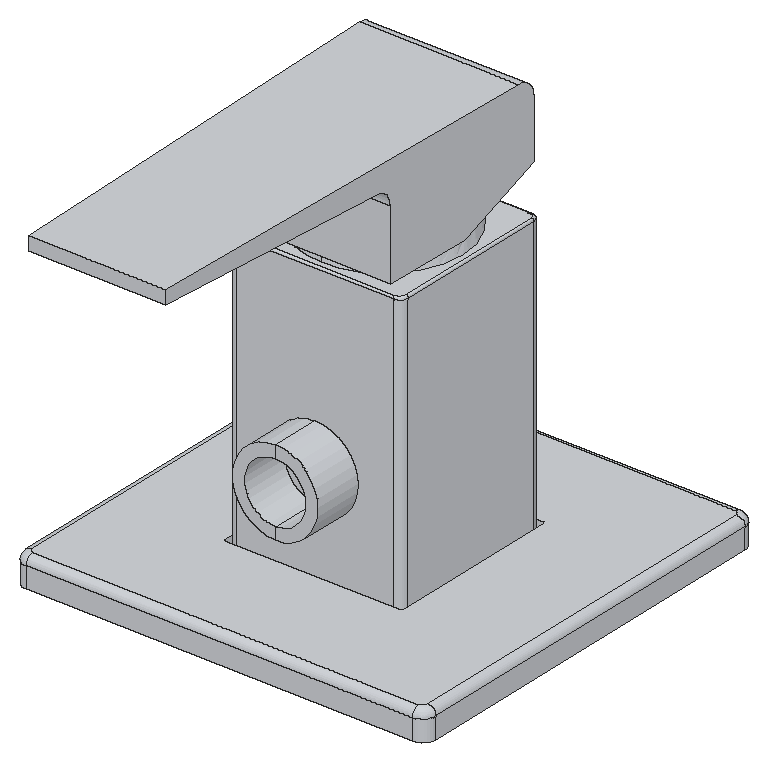
Revit family "Shower-Supply_Trim-KOHLER-Honesty-K-24750X_1", category Plumbing Fixtures, host Face, Revit 2021
Family settings
  Host = Face
  Round Connector Dimension = Use Diameter
  Part Type = Normal
  OmniClass Number = 23.31.17.00
  OmniClass Title = Showers
  Cut with Voids When Loaded = No
  Shared = No
  Room Calculation Point = No
Parameters (values of type "CP-Polished Chrome")
  Width = 3 15/16"  # constant formula
  WaterSense Certified = 1 = 0  # no
  Waste Water Outlet = "Waste Water Outlet"  # constant formula
  Waste Connection = 1 = 0  # no
  Vent Connection = 1 = 0  # no
  URL = "https://www.kohler.co.th/"
  Type = 1
  Product Page URL = "https://www.kohler.co.th/productDetails/24750X-4CD?skuid=24750X-4CD-CP"
  Product Name = "Honesty"  # constant formula
  Product Documentation Link = "https://resources.kohler.com/plumbing/kohlerapac/pdf/1351423-X4-A_HONESTY_24750X-4CD.pdf"
  Pressure = 0.00 psi
  Model = "K-24750X-4CD-CP"  # constant formula
  Material = "Premium Metal Construction"  # constant formula
  Master Format 2014 Name = "Residential Showers"  # constant formula
  Master Format 2014 = "22 42 23"  # constant formula
  Manufacturer Address = "16th Floor, Jasmine City Building 2, Soi Sukhumvit 23, Sukhumvit Road, Khlong Toei Nuea, Watthana, Bangkok 10110"  # constant formula
  Manufacturer = "Kohler Co."  # constant formula
  Length = 4 21/256"  # constant formula
  Hot Water Inlet = "Hot Water Inlet"  # constant formula
  Height = 3 15/16"  # constant formula
  Handle Clearance = 3 109/256"  # constant formula
  HW Connection = 1 = 1  # yes
  Flow Rate = 0 GPM
  Finish = Kohler-Metal-CP-Polished_Chrome
  Environmental Product Declaration = ""
  Drain Included = 1 = 0  # no
  Description = "Lever cold water shut-off valve"  # constant formula
  Default Elevation = 42"
  Declare Label = ""
  Date Modified = "02/28/2023"  # constant formula
  Date Created = "02/28/2023"  # constant formula
  Copyright = "Copyright Kohler Co."  # constant formula
  Contact Us = "https://www.kohler.co.th/contact-us"
  Cold Water Outlet = "Cold Water Outlet"  # constant formula
  Cold Water Inlet = "Cold Water Inlet"  # constant formula
  CW Connection = 1 = 1  # yes
  Assembly Code = "D2010700"
  ADA Compliant = 1 = 0  # no
Reference planes (in)
  plane 1 "Center (Front/Back)": y = 0
  plane 2: z = 0
  plane 3 "Center (Left/Right)": x = 0
  plane 4: y = 1.9679195
  plane 5: y = 0.8261873
  plane 6: y = 0.7992126
  plane 7: y = -0.8273561
  plane 8: y = -1.2980482
  plane 9: y = -1.9695805
  plane 10: y = -3.4257813
  plane 11: x = -1.9685039
  plane 12: x = -0.8267717
  plane 13: x = 0.8267717
  plane 14: x = 1.9689961
  plane 15: z = 0.2755906
  plane 16: z = 0.75
  plane 17: z = 1.1574803
  plane 18: z = 1.5649606
  plane 19: z = 4.0820312
  plane 20: x = -0.5043307
  plane 21: x = 0.5043307
Dimensions and locks (in)
  "Height": plane 4 to plane 9
  "Width": plane 11 to plane 14
  "Handle Clearance": plane 1 "Center (Front/Back)" to plane 10
  "Length": level to plane 19
  plane 4 to plane 10 = 5.3937"
  plane 10 to plane 5 = 4.25197"
  plane 12 to plane 13 = 1.65354"
  plane 15 to level = 0.27559"
  plane 5 to plane 7 = 1.65354"
  plane 16 to plane 18 = 0.81496"
  plane 4 to plane 1 "Center (Front/Back)" = 1.96792"
  level to plane 17 = 1.15748"
  aligned and locked: plane 2 to host face
  aligned and locked: level to host face
  aligned and locked: plane 1 "Center (Front/Back)" to nested 1
  aligned and locked: plane 3 "Center (Left/Right)" to nested 1
Automatic sketch dimensions
  host sketch curve to host sketch curve = 96"  (x2)
Nested families (in)
  nested 1: "K-24750X" at (0, 0, 0), type "K-24750X"
Connectors (in)
  piping at (0, 0, 0), diameter 0.5, driven by "CW Connection", driven by "Cold Water Inlet"
    settings: on nested 1, index 1, connector inside diameter 24", connector length 0", flow factor 0, pipe flow 0 GPM, pressure drop 0.00 psi, fitting loss kfactor 0, connector angle 0.00°, fixture units 0, engagement length 0", angle of deflection 0.00°, flow configuration 0, flow direction 1, fitting loss method 0, system type 20, joint type 0, gender type 0, connector reference index -1, connector utility 1, adjustable connector no, is connector primary yes, connector description "Cold Water Inlet"
  piping at (0, -1.2980482, 1.1817184), diameter 0.5, driven by "CW Connection", driven by "Cold Water Outlet"
    settings: on nested 1, index 2, connector inside diameter 24", connector length 0", flow factor 0, pipe flow 0 GPM, pressure drop 0.00 psi, fitting loss kfactor 0, connector angle 0.00°, fixture units 0, engagement length 0", angle of deflection 0.00°, flow configuration 0, flow direction 2, fitting loss method 0, system type 20, joint type 0, gender type 0, connector reference index -1, connector utility 1, adjustable connector no, is connector primary no, connector description "Cold Water Outlet"
Definition of nested family "K-24750X"
  Parameters
    Material = none
    Default Elevation = 0"
  Reference planes (in)
    plane 1 "Center (Front/Back)": y = 0
    plane 2: z = 0
    plane 3 "Center (Left/Right)": x = 0
    plane 4: y = -1.9685039
    plane 5: y = 1.9685039
    plane 6: x = 1.9685039
    plane 7: x = -1.9685039
    plane 8: y = -3.4251969
    plane 9: y = 0.7992126
    plane 10: z = 0.2755906
    plane 11: x = 0.8267717
    plane 12: x = -0.8267717
    plane 13: z = 4.0826772
    plane 14: z = 1.1574803
    plane 15: z = 0.75
    plane 16: z = 1.5649606
    plane 17: y = -0.8267717
    plane 18: y = 0.8267717
    plane 19: y = -1.2980482
    plane 20: x = -0.5043307
    plane 21: x = 0.5043307
  Forms (in)
    Sweep 1, solid, material <- "Material", detail levels medium+fine
      path origin (0, 0, 0) x (1, 0, 0) y (0, 1, 0)
        loop
          line (1.8464567, 1.9685039) -> (-1.8464567, 1.9685039)
          arc (-1.8464567, 1.9685039) -> (-1.9327571, 1.9327571) -> (-1.9685039, 1.8464567) r 0.1220472
          line (-1.9685039, 1.8464567) -> (-1.9685039, -1.846601)
          arc (-1.9685039, -1.846601) -> (-1.9327994, -1.9327994) -> (-1.846601, -1.9685039) r 0.121903
          line (-1.846601, -1.9685039) -> (1.8464567, -1.9685039)
          arc (1.8464567, -1.9685039) -> (1.9327571, -1.9327571) -> (1.9685039, -1.8464567) r 0.1220472
          line (1.9685039, -1.8464567) -> (1.9685039, 1.8464567)
          arc (1.9685039, 1.8464567) -> (1.9327571, 1.9327571) -> (1.8464567, 1.9685039) r 0.1220472
      profile origin (-1.9685039, -0.0000721, 0) x (1, 0, 0) y (0, 0, 1)
        loop
          line (0, 0) -> (0.1113435, 0) -> (0.1113435, 0.2755906) -> (0.0775953, 0.2755906)
          arc (0.0775953, 0.2755906) -> (0.0227271, 0.2528634) -> (0, 0.1979953) r 0.0775953
          line (0, 0.1979953) -> (0, 0)
    Extrusion 2, solid, material <- "Material", detail levels medium+fine
      sketch origin (0, 0, 0) x (1, 0, 0) y (0, 1, 0)
        loop
          arc (-1.8419045, 1.8725394) -> (-1.8613917, 1.8644675) -> (-1.8694636, 1.8449803) r 0.0275591
          line (-1.8694636, 1.8449803) -> (-1.8694636, -1.8480561)
          arc (-1.8694636, -1.8480561) -> (-1.8613917, -1.8675433) -> (-1.8419045, -1.8756152) r 0.0275591
          line (-1.8419045, -1.8756152) -> (1.8449803, -1.8756152)
          arc (1.8449803, -1.8756152) -> (1.8644675, -1.8675433) -> (1.8725394, -1.8480561) r 0.0275591
          line (1.8725394, -1.8480561) -> (1.8725394, 1.8449189)
          arc (1.8725394, 1.8449189) -> (1.8644495, 1.8644495) -> (1.8449189, 1.8725394) r 0.0276205
          line (1.8449189, 1.8725394) -> (-1.8419045, 1.8725394)
      from 0 to 0.2755906
    Extrusion 3, void
      sketch origin (0, 0, 0) x (1, 0, 0) y (0, 1, 0)
        loop
          arc (-0.8335705, 0.8546061) -> (-0.8486272, 0.8483694) -> (-0.8548638, 0.8333127) r 0.0212933
          line (-0.8548638, 0.8333127) -> (-0.8548638, -0.833517)
          arc (-0.8548638, -0.833517) -> (-0.8486718, -0.8484658) -> (-0.833723, -0.8546578) r 0.0211408
          line (-0.833723, -0.8546578) -> (0.8335068, -0.8546578)
          arc (0.8335068, -0.8546578) -> (0.8485397, -0.8484309) -> (0.8547666, -0.833398) r 0.0212598
          line (0.8547666, -0.833398) -> (0.8547666, 0.8333462)
          arc (0.8547666, 0.8333462) -> (0.8485397, 0.8483792) -> (0.8335068, 0.8546061) r 0.0212598
          line (0.8335068, 0.8546061) -> (-0.8335705, 0.8546061)
      from 0.1259841 to 0.3610841
    Sweep 4, solid, material <- "Material", detail levels medium+fine
      path origin (0, 0, 0) x (1, 0, 0) y (0, 1, 0)
        loop
          arc (0.8267717, 0.7480315) -> (0.8037092, 0.8037092) -> (0.7480315, 0.8267717) r 0.0787402
          line (0.7480315, 0.8267717) -> (-0.7480315, 0.8267717)
          arc (-0.7480315, 0.8267717) -> (-0.8037092, 0.8037092) -> (-0.8267717, 0.7480315) r 0.0787402
          line (-0.8267717, 0.7480315) -> (-0.8267717, -0.7480315)
          arc (-0.8267717, -0.7480315) -> (-0.8037092, -0.8037092) -> (-0.7480315, -0.8267717) r 0.0787402
          line (-0.7480315, -0.8267717) -> (0.7478895, -0.8267717)
          arc (0.7478895, -0.8267717) -> (0.8036676, -0.8036676) -> (0.8267717, -0.7478895) r 0.0788822
          line (0.8267717, -0.7478895) -> (0.8267717, 0.7480315)
      profile origin (0, 0.8267717, 0) x (0, -1, 0) y (0, 0, 1)
        loop
          line (0.0008112, 0) -> (0.0698682, 0) -> (0.0698682, 2.9132648) -> (0.0216559, 2.9132648)
          arc (0.0216559, 2.9132648) -> (0.0069165, 2.9071596) -> (0.0008112, 2.8924202) r 0.0208447
          line (0.0008112, 2.8924202) -> (0.0008112, 0)
    Extrusion 5, solid, material <- "Material", detail levels medium+fine
      sketch origin (0, 0, 0) x (1, 0, 0) y (0, 1, 0)
        loop
          arc (-0.7424311, 0.7730936) -> (-0.7619183, 0.7650217) -> (-0.7699902, 0.7455345) r 0.0275591
          line (-0.7699902, 0.7455345) -> (-0.7699902, -0.7408717)
          arc (-0.7699902, -0.7408717) -> (-0.7619082, -0.7603834) -> (-0.7423965, -0.7684654) r 0.0275937
          line (-0.7423965, -0.7684654) -> (0.7401124, -0.7684654)
          arc (0.7401124, -0.7684654) -> (0.7595996, -0.7603935) -> (0.7676715, -0.7409064) r 0.0275591
          line (0.7676715, -0.7409064) -> (0.7676715, 0.7454857)
          arc (0.7676715, 0.7454857) -> (0.7595853, 0.7650074) -> (0.7400636, 0.7730936) r 0.0276079
          line (0.7400636, 0.7730936) -> (-0.7424311, 0.7730936)
      from 0.1259841 to 2.9132648
    Sweep 6, solid, material <- "Material", detail levels medium+fine
      path origin (0, 0, 0) x (0, 1, 0) y (0, 0, 1)
        loop
          line (0.6590362, 4.0826772) -> (-3.4251969, 4.0826772) -> (-3.4251969, 3.9559451) -> (-0.990484, 3.850704)
          arc (-0.990484, 3.850704) -> (-0.8743013, 3.798108) -> (-0.8267717, 3.6797623) r 0.1711014
          line (-0.8267717, 3.6797623) -> (-0.8267717, 2.9684162) -> (0.8267717, 2.9684162) -> (0.8267717, 3.9149417)
          arc (0.8267717, 3.9149417) -> (0.7776431, 4.0335486) -> (0.6590362, 4.0826772) r 0.1677354
      profile origin (0, 0.6590362, 4.0826772) x (0, 0, -1) y (1, 0, 0)
        loop
          arc (0, -0.7733019) -> (0.0066521, -0.7893616) -> (0.0227118, -0.7960138) r 0.0227118
          line (0.0227118, -0.7960138) -> (0.0594091, -0.7960138) -> (0.0594091, 0.7940914) -> (0.0228346, 0.7940914)
          arc (0.0228346, 0.7940914) -> (0.0066881, 0.7874033) -> (0, 0.7712568) r 0.0228346
          line (0, 0.7712568) -> (0, -0.7733019)
    Extrusion 7, solid, material <- "Material", detail levels medium+fine
      sketch origin (0, 0, 0) x (0, 1, 0) y (0, 0, 1)
        loop
          line (-3.3734772, 4.0344178) -> (-3.3734772, 4.0008709) -> (-1.0063732, 3.8985522)
          arc (-1.0063732, 3.8985522) -> (-0.8498499, 3.827694) -> (-0.7858173, 3.6682568) r 0.2305105
          line (-0.7858173, 3.6682568) -> (-0.7858173, 3.0093706) -> (0.7827415, 3.0093706) -> (0.7827415, 3.9260914)
          arc (0.7827415, 3.9260914) -> (0.7510134, 4.0026897) -> (0.6744151, 4.0344178) r 0.1083263
          line (0.6744151, 4.0344178) -> (-3.3734772, 4.0344178)
      from -0.7960138 to 0.7940914
    Extrusion 8, void
      sketch origin (0, 0, 0) x (1, 0, 0) y (0, 1, 0)
        loop
          line (0.6481335, -3.6205478) -> (1.1682313, -3.6205478) -> (1.1682313, 1.0042273) -> (0.7689897, 1.0042273) -> (0.6481335, -3.6205478)
        loop
          line (-0.6481335, -3.6205478) -> (-0.7689897, 1.0042273) -> (-1.1682313, 1.0042273) -> (-1.1682313, -3.6205478) -> (-0.6481335, -3.6205478)
      from 2.9684162 to 4.3646204
    Extrusion 9, void
      sketch origin (0, 0, 0) x (0, 1, 0) y (0, 0, 1)
        loop
          line (-0.914528, 3.0189747) -> (-0.914528, 2.9233325) -> (0.9324934, 2.9233325) -> (0.9324934, 3.387682) -> (0.0393857, 3.0268431)
          arc (0.0393857, 3.0268431) -> (0.019525, 3.0209601) -> (-0.0010934, 3.0189747) r 0.1080575
          line (-0.0010934, 3.0189747) -> (-0.914528, 3.0189747)
      from -0.8856828 to 0.931763
    Revolve 10, solid, material <- "Material", detail levels medium+fine
      sketch origin (0, 0, 0) x (0, 1, 0) y (0, 0, 1)
        loop
          arc (0.5950527, 3.299943) -> (0.5819069, 3.3108449) -> (0.5652816, 3.3147514) r 0.0373304
          line (0.5652816, 3.3147514) -> (0, 3.3147514) -> (0, 2.8252199) -> (0.7549125, 2.8252199)
          arc (0.7549125, 2.8252199) -> (0.7136332, 3.0755968) -> (0.5950527, 3.299943) r 0.789451
        axis (0, 2.8252199) -> (0, 3.3147514)
      angle from 0 to 360
    Revolve 11, solid, material <- "Material", detail levels medium+fine
      sketch origin (0, 0, 0) x (0, 1, 0) y (0, 0, 1)
        loop
          line (0.7368601, 3.8271522) -> (0.7368601, 3.6491866) -> (0.8691078, 3.6491866)
          arc (0.8691078, 3.6491866) -> (0.8324263, 3.7600482) -> (0.7368601, 3.8271522) r 0.185868
        axis (0.8691078, 3.6491866) -> (0.7368601, 3.6491866)
      angle from 0 to 360
    Revolve 12, solid, material <- "Material", detail levels medium+fine
      sketch origin (0, 0, 0) x (0, 1, 0) y (0, 0, 1)
        loop
          line (-1.2980482, 1.5889996) -> (-1.2980482, 1.4741158) -> (-0.7086385, 1.4741158) -> (-0.7086385, 1.5889996) -> (-1.2980482, 1.5889996)
        axis (-1.2980482, 1.1817184) -> (-0.7086385, 1.1817184)
      angle from 0 to 360
    Extrusion 13, solid, material <- "Material", detail levels coarse
      sketch origin (0, 0, 0) x (1, 0, 0) y (0, 1, 0)
        loop
          line (1.9685039, 1.9685039) -> (-1.9685039, 1.9685039) -> (-1.9685039, -1.9685039) -> (1.9685039, -1.9685039) -> (1.9685039, 1.9685039)
      from 0 to 0.2755906
    Extrusion 14, solid, material <- "Material", detail levels coarse
      sketch origin (0, 0, 0) x (1, 0, 0) y (0, 1, 0)
        loop
          line (-0.6873716, -3.4251969) -> (0.6873716, -3.4251969) -> (0.79808, 0.8267529) -> (-0.79808, 0.8267529) -> (-0.6873716, -3.4251969)
      from 3.0189747 to 4.0826772
    Extrusion 15, void
      sketch origin (0, 0, 0) x (0, 1, 0) y (0, 0, 1)
        loop
          line (-0.9251969, 2.9620653) -> (-0.9251969, 3.8109725) -> (-3.5637594, 3.9250251) -> (-3.5637594, 2.9620653) -> (-0.9251969, 2.9620653)
      from -0.8856828 to 0.931763
    Extrusion 16, solid, material <- "Material", detail levels coarse
      sketch origin (0, 0, 3.0189747) x (0, 1, 0) y (1, 0, 0)
        loop
          line (0.8267717, -0.7980805) -> (0.8267717, 0.7980805) -> (-0.9251969, 0.7524643) -> (-0.9251969, -0.7524643) -> (0.8267717, -0.7980805)
      from -0.2419108 to 2.9276125
    Revolve 17, solid, material <- "Material", detail levels coarse
      sketch origin (0, 0, 0) x (0, 1, 0) y (0, 0, 1)
        loop
          line (0.8740173, 3.7963866) -> (0.6003937, 3.7963866) -> (0.6003937, 3.6488866) -> (0.8740173, 3.6488866) -> (0.8740173, 3.7963866)
        axis (0.8740173, 3.6488866) -> (0.6003937, 3.6488866)
      angle from 0 to 360
    Revolve 18, solid, material <- "Material", detail levels coarse
      sketch origin (0, 0, 0) x (0, 1, 0) y (0, 0, 1)
        loop
          line (-1.2980482, 1.5889996) -> (-1.2980482, 1.1817184) -> (-0.6948005, 1.1817184) -> (-0.6948005, 1.5889996) -> (-1.2980482, 1.5889996)
        axis (-0.6948005, 1.1817184) -> (-1.2980482, 1.1817184)
      angle from 0 to 360
    Extrusion 19, solid, material <- "Material", detail levels medium+fine
      sketch origin (0, 0, 0) x (-1, 0, 0) y (0, -1, 0)
        loop
          circle (0, 0) r 0.1181102
      from 0 to 0.0822984
  Cuts and joins
    Extrusion 3, Extrusion 8, Extrusion 15 cuts Sweep 1
    Extrusion 3, Extrusion 8, Extrusion 15 cuts Extrusion 2
    Extrusion 8, Extrusion 15 cuts Sweep 4
    Extrusion 8, Extrusion 15 cuts Extrusion 5
    Extrusion 8, Extrusion 9, Extrusion 15 cuts Sweep 6
    Extrusion 8, Extrusion 9, Extrusion 15 cuts Extrusion 7
    Extrusion 15 cuts Revolve 10
    Extrusion 15 cuts Revolve 11
    Extrusion 15 cuts Revolve 12
    joined: Sweep 1, Extrusion 2, Sweep 4, Extrusion 5, Sweep 6, Extrusion 7, Revolve 10, Revolve 11, Revolve 12
    Extrusion 15 cuts Extrusion 14
    joined: Extrusion 13, Extrusion 14, Extrusion 16, Revolve 17, Revolve 18
  Lines and regions (in)
    Masking region 1
      outline origin (0, 0, 0) x (1, 0, 0) y (0, 1, 0)
        loop
          line (0.1056521, 1.9685039) -> (-1.8503937, 1.9685039)
          arc (-1.8503937, 1.9685039) -> (-1.9339102, 1.9339102) -> (-1.9685039, 1.8503937) r 0.1181102
          line (-1.9685039, 1.8503937) -> (-1.9685039, -1.8503937)
          arc (-1.9685039, -1.8503937) -> (-1.9339102, -1.9339102) -> (-1.8503937, -1.9685039) r 0.1181102
          line (-1.8503937, -1.9685039) -> (-0.7257334, -1.9685039) -> (-0.6903617, -3.3103566)
          arc (-0.6903617, -3.3103566) -> (-0.6547502, -3.3917423) -> (-0.5724544, -3.4251969) r 0.1179483
          line (-0.5724544, -3.4251969) -> (-0.0223836, -3.4251969) -> (0.5724544, -3.4251969)
          arc (0.5724544, -3.4251969) -> (0.6547502, -3.3917423) -> (0.6903617, -3.3103566) r 0.1179483
          line (0.6903617, -3.3103566) -> (0.7257334, -1.9685039) -> (1.8503937, -1.9685039)
          arc (1.8503937, -1.9685039) -> (1.9339102, -1.9339102) -> (1.9685039, -1.8503937) r 0.1181102
          line (1.9685039, -1.8503937) -> (1.9685039, 1.8503937)
          arc (1.9685039, 1.8503937) -> (1.9339102, 1.9339102) -> (1.8503937, 1.9685039) r 0.1181102
          line (1.8503937, 1.9685039) -> (0.1056521, 1.9685039)
    Masking region 2
      outline origin (0, 0, 0) x (1, 0, 0) y (0, 0, 1)
        loop
          line (-1.9685039, 0.1973739) -> (-1.9685039, 0) -> (0.1591026, 0) -> (1.9685039, 0) -> (1.9685039, 0.1973739)
          arc (1.9685039, 0.1973739) -> (1.9455948, 0.2526814) -> (1.8902873, 0.2755906) r 0.0782167
          line (1.8902873, 0.2755906) -> (0.8267717, 0.2755906) -> (0.8267717, 2.8929861)
          arc (0.8267717, 2.8929861) -> (0.8208321, 2.9073253) -> (0.8064929, 2.9132648) r 0.0202788
          line (0.8064929, 2.9132648) -> (0.7519393, 2.9132648)
          arc (0.7519393, 2.9132648) -> (0.7421215, 2.9664554) -> (0.7291856, 3.0189747) r 0.9172773
          line (0.7291856, 3.0189747) -> (0.7770374, 3.0189747) -> (0.7936243, 3.2827854) -> (0.7936243, 4.060928)
          arc (0.7936243, 4.060928) -> (0.7872541, 4.076307) -> (0.7718752, 4.0826772) r 0.0217491
          line (0.7718752, 4.0826772) -> (-0.021764, 4.0826772) -> (-0.7718752, 4.0826772)
          arc (-0.7718752, 4.0826772) -> (-0.7872541, 4.076307) -> (-0.7936243, 4.060928) r 0.0217491
          line (-0.7936243, 4.060928) -> (-0.7936243, 3.2827854) -> (-0.7770374, 3.0189747) -> (-0.7291856, 3.0189747)
          arc (-0.7291856, 3.0189747) -> (-0.7421215, 2.9664554) -> (-0.7519393, 2.9132648) r 0.9172773
          line (-0.7519393, 2.9132648) -> (-0.8064929, 2.9132648)
          arc (-0.8064929, 2.9132648) -> (-0.8208321, 2.9073253) -> (-0.8267717, 2.8929861) r 0.0202788
          line (-0.8267717, 2.8929861) -> (-0.8267717, 0.2755906) -> (-1.8902873, 0.2755906)
          arc (-1.8902873, 0.2755906) -> (-1.9455948, 0.2526814) -> (-1.9685039, 0.1973739) r 0.0782167
    Masking region 3
      outline origin (0, 0, 0) x (0, 1, 0) y (0, 0, 1)
        loop
          line (1.9685039, 0) -> (1.9685039, 0.1962987)
          arc (1.9685039, 0.1962987) -> (1.9452799, 0.2523665) -> (1.8892121, 0.2755906) r 0.0792918
          line (1.8892121, 0.2755906) -> (0.8267717, 0.2755906) -> (0.8267717, 2.8908382)
          arc (0.8267717, 2.8908382) -> (0.8202031, 2.9066962) -> (0.804345, 2.9132648) r 0.0224266
          line (0.804345, 2.9132648) -> (0.7496066, 2.9132648)
          arc (0.7496066, 2.9132648) -> (0.7065768, 3.0953495) -> (0.621926, 3.2622046) r 0.7898598
          line (0.621926, 3.2622046) -> (0.8267717, 3.3449676) -> (0.8267717, 3.5302795)
          arc (0.8267717, 3.5302795) -> (0.8691115, 3.6488866) -> (0.8267717, 3.7674937) r 0.1872975
          line (0.8267717, 3.7674937) -> (0.8267717, 4.0528969)
          arc (0.8267717, 4.0528969) -> (0.8180492, 4.0739547) -> (0.7969914, 4.0826772) r 0.0297802
          line (0.7969914, 4.0826772) -> (-3.4045268, 4.0826772)
          arc (-3.4045268, 4.0826772) -> (-3.4191427, 4.076623) -> (-3.4251969, 4.0620071) r 0.0206701
          line (-3.4251969, 4.0620071) -> (-3.4251969, 3.9759288)
          arc (-3.4251969, 3.9759288) -> (-3.4194005, 3.9614963) -> (-3.4052318, 3.9550821) r 0.0208661
          line (-3.4052318, 3.9550821) -> (-0.9572014, 3.8492654)
          arc (-0.9572014, 3.8492654) -> (-0.8646385, 3.8073621) -> (-0.8267717, 3.713076) r 0.1363165
          line (-0.8267717, 3.713076) -> (-0.8267717, 3.0189747) -> (-0.7290957, 3.0189747)
          arc (-0.7290957, 3.0189747) -> (-0.7411645, 2.966455) -> (-0.7498119, 2.9132648) r 0.8329108
          line (-0.7498119, 2.9132648) -> (-0.8043307, 2.9132648)
          arc (-0.8043307, 2.9132648) -> (-0.8201989, 2.906692) -> (-0.8267717, 2.8908239) r 0.0224409
          line (-0.8267717, 2.8908239) -> (-0.8267717, 1.5649606) -> (-0.870395, 1.5649606) -> (-0.8913982, 1.528582) -> (-0.9124014, 1.5649606) -> (-0.9441671, 1.5649606) -> (-0.9611308, 1.528582) -> (-0.9821339, 1.5649606) -> (-1.0182985, 1.5649606) -> (-1.0352622, 1.528582) -> (-1.0562654, 1.5649606) -> (-1.0893886, 1.5649606) -> (-1.1063523, 1.528582) -> (-1.1273555, 1.5649606) -> (-1.1616192, 1.5649606) -> (-1.1785829, 1.528582) -> (-1.1995861, 1.5649606) -> (-1.2338498, 1.5649606) -> (-1.2508135, 1.528582) -> (-1.2670508, 1.5567059) -> (-1.2980482, 1.5388095) -> (-1.2980482, 1.1584906) -> (-1.2980482, 0.7761511) -> (-1.2670508, 0.7582547) -> (-1.2508135, 0.7863786) -> (-1.2338498, 0.75) -> (-1.1995861, 0.75) -> (-1.1785829, 0.7863786) -> (-1.1616192, 0.75) -> (-1.1273555, 0.75) -> (-1.1063523, 0.7863786) -> (-1.0893886, 0.75) -> (-1.0562654, 0.75) -> (-1.0352622, 0.7863786) -> (-1.0182985, 0.75) -> (-0.9821339, 0.75) -> (-0.9611308, 0.7863786) -> (-0.9441671, 0.75) -> (-0.9124014, 0.75) -> (-0.8913982, 0.7863786) -> (-0.870395, 0.75) -> (-0.8267717, 0.75) -> (-0.8267717, 0.2755906) -> (-1.8893701, 0.2755906)
          arc (-1.8893701, 0.2755906) -> (-1.9453262, 0.2524128) -> (-1.9685039, 0.1964567) r 0.0791339
          line (-1.9685039, 0.1964567) -> (-1.9685039, 0) -> (1.9685039, 0)
    symbolic lines, detail levels medium+fine
      curve 1: line (-1.8503937, -1.9685039, 0) -> (-1.8503937, 1.9684404, 0)
      curve 2: line (-1.9685039, 1.8503937, 0) -> (1.9685039, 1.8503937, 0)
      curve 3: line (1.8464567, 1.9685039, 0) -> (1.8464567, -1.9685039, 0)
      curve 4: line (-0.7257334, -1.9685039, 0) -> (-0.7946011, 0.6764836, 0)
      curve 5: line (-0.1623389, 0.7992126, 0) -> (-0.675026, 0.7992126, 0)
      curve 6: arc (-0.675026, 0.7992126, 0) -> (-0.7607007, 0.76307, 0) -> (-0.7946011, 0.6764836, 0) r 0.1196157
      curve 7: line (0.7257334, -1.9685039, 0) -> (0.7946011, 0.6764836, 0)
      curve 8: line (-0.1623389, 0.7992126, 0) -> (0.675026, 0.7992126, 0)
      curve 9: arc (0.675026, 0.7992126, 0) -> (0.7607007, 0.76307, 0) -> (0.7946011, 0.6764836, 0) r 0.1196157
      curve 10: line (-0.8858913, 0.8431398, 0) -> (-0.8858913, -0.8450386, 0)
      curve 11: arc (-0.8858913, -0.8450386, 0) -> (-0.873375, -0.8752557, 0) -> (-0.8431579, -0.8877721, 0) r 0.0427334
      curve 12: line (-0.8429779, 0.8860532, 0) -> (-0.0521521, 0.8860532, 0)
      curve 13: arc (-0.8858913, 0.8431398, 0) -> (-0.8733223, 0.8734841, 0) -> (-0.8429779, 0.8860532, 0) r 0.0429134
      curve 14: line (0.8858913, 0.8431398, 0) -> (0.8858913, -0.8450386, 0)
      curve 15: arc (0.8858913, -0.8450386, 0) -> (0.873375, -0.8752557, 0) -> (0.8431579, -0.8877721, 0) r 0.0427334
      curve 16: arc (0.8858913, 0.8431398, 0) -> (0.8733223, 0.8734841, 0) -> (0.8429779, 0.8860532, 0) r 0.0429134
      curve 17: line (0.8429779, 0.8860532, 0) -> (-0.0521521, 0.8860532, 0)
      curve 18: line (-0.7538725, -0.8877721, 0) -> (-0.8431579, -0.8877721, 0)
      curve 19: line (0.7538725, -0.8877721, 0) -> (0.8431579, -0.8877721, 0)
      curve 20: arc (-0.7554607, -0.8267717, 0) -> (-0.8057756, -0.8006812, 0) -> (-0.8259611, -0.7477204, 0) r 0.0795698
      curve 21: line (-0.8267717, -0.7477204, 0) -> (-0.8267717, 0.7480955, 0)
      curve 22: arc (-0.7480955, 0.8267717, 0) -> (-0.803728, 0.803728, 0) -> (-0.8267717, 0.7480955, 0) r 0.0786761
      curve 23: arc (0.7554607, -0.8267717, 0) -> (0.8057756, -0.8006812, 0) -> (0.8259611, -0.7477204, 0) r 0.0795698
      curve 24: line (0.8267717, -0.7477204, 0) -> (0.8267717, 0.7480955, 0)
      curve 25: arc (0.7480955, 0.8267717, 0) -> (0.803728, 0.803728, 0) -> (0.8267717, 0.7480955, 0) r 0.0786761
      curve 26: arc (-0.7558736, -0.8109136, 0) -> (-0.7921306, -0.7874934, 0) -> (-0.808899, -0.7477204, 0) r 0.0732324
      curve 27: line (-0.808899, -0.7477204, 0) -> (-0.808899, 0.741635, 0)
      curve 28: arc (-0.808899, 0.741635, 0) -> (-0.788626, 0.7905782, 0) -> (-0.7396828, 0.8108512, 0) r 0.0692161
      curve 29: line (-0.7396828, 0.8108512, 0) -> (-0.1352079, 0.8108512, 0)
      curve 30: arc (0.7558736, -0.8109136, 0) -> (0.7921306, -0.7874934, 0) -> (0.808899, -0.7477204, 0) r 0.0732324
      curve 31: line (0.808899, -0.7477204, 0) -> (0.808899, 0.741635, 0)
      curve 32: arc (0.808899, 0.741635, 0) -> (0.788626, 0.7905782, 0) -> (0.7396828, 0.8108512, 0) r 0.0692161
      curve 33: line (0.7396828, 0.8108512, 0) -> (0.1349043, 0.8108512, 0)
      curve 34: line (-0.8858913, -0.8450386, 0) -> (-0.7549851, -0.8450386, 0)
      curve 35: line (-0.8431579, -0.8877721, 0) -> (-0.8431579, 0.8860212, 0)
      curve 36: line (-0.8858913, 0.8431398, 0) -> (-0.0945676, 0.8431398, 0)
      curve 37: line (0.8858913, -0.8450386, 0) -> (0.7549851, -0.8450386, 0)
      curve 38: line (0.8431579, -0.8877721, 0) -> (0.8431579, 0.8860212, 0)
      curve 39: line (0.8858913, 0.8431398, 0) -> (0.1387669, 0.8431398, 0)
      curve 40: arc (-0.1453773, 0.7992126, 0) -> (-0.0001518, 0.8688429, 0) -> (0.1450737, 0.7992126, 0) r 0.186261
      curve 41: line (0.094264, 0.8431398, 0) -> (0.1387669, 0.8431398, 0)
      curve 42: line (0.117757, 0.8267717, 0) -> (0.7480955, 0.8267717, 0)
      curve 43: line (-0.1180606, 0.8267717, 0) -> (-0.7480955, 0.8267717, 0)
      curve 44: arc (-0.7291856, 0, 3.0189747) -> (-0.671132, 0, 3.1706714) -> (-0.5886022, 0, 3.3105675) r 0.9709172
      curve 45: line (0, 0, 3.3146825) -> (-0.5806403, 0, 3.3146825)
      curve 46: arc (-0.5806403, 0, 3.3146825) -> (-0.5851215, 0, 3.3135929) -> (-0.5886022, 0, 3.3105675) r 0.0097599
      curve 47: arc (0.7291856, 0, 3.0189747) -> (0.671132, 0, 3.1706714) -> (0.5886022, 0, 3.3105675) r 0.9709172
      curve 48: line (0, 0, 3.3146825) -> (0.5806403, 0, 3.3146825)
      curve 49: arc (0.5806403, 0, 3.3146825) -> (0.5851215, 0, 3.3135929) -> (0.5886022, 0, 3.3105675) r 0.0097599
      curve 50: line (-0.8267717, 0, 0.2755906) -> (0.8267717, 0, 0.2755906)
      curve 51: line (-0.7498119, 0, 2.9132648) -> (0.7498119, 0, 2.9132648)
      curve 52: line (-0.5886022, 0, 3.3105675) -> (-0.6599748, 0, 3.3105675)
      curve 53: arc (-0.6599748, 0, 3.3105675) -> (-0.6870997, 0, 3.3084398) -> (-0.7135611, 0, 3.3021087) r 0.173964
      curve 54: arc (-0.7135611, 0, 3.3021087) -> (-0.7289914, 0, 3.2929122) -> (-0.7389047, 0, 3.2779323) r 0.0403703
      curve 55: line (-0.7389047, 0, 3.2779323) -> (-0.7389047, 0, 3.0189747)
      curve 56: line (0, 0, 3.3339209) -> (-0.6248819, 0, 3.3339209)
      curve 57: arc (-0.6248819, 0, 3.3339209) -> (-0.669909, 0, 3.3329543) -> (-0.7148531, 0, 3.3300563) r 1.0492414
      curve 58: arc (-0.7148531, 0, 3.3300563) -> (-0.7463243, 0, 3.3239956) -> (-0.7758556, 0, 3.3115431) r 0.1537767
      curve 59: arc (-0.7758556, 0, 3.3115431) -> (-0.7885181, 0, 3.2994987) -> (-0.7936243, 0, 3.2827854) r 0.0343839
      curve 60: line (0.5886022, 0, 3.3105675) -> (0.6599748, 0, 3.3105675)
      curve 61: arc (0.6599748, 0, 3.3105675) -> (0.6870997, 0, 3.3084398) -> (0.7135611, 0, 3.3021087) r 0.173964
      curve 62: arc (0.7135611, 0, 3.3021087) -> (0.7289914, 0, 3.2929122) -> (0.7389047, 0, 3.2779323) r 0.0403703
      curve 63: line (0.7389047, 0, 3.2779323) -> (0.7389047, 0, 3.0189747)
      curve 64: line (0, 0, 3.3339209) -> (0.6248819, 0, 3.3339209)
      curve 65: arc (0.6248819, 0, 3.3339209) -> (0.669909, 0, 3.3329543) -> (0.7148531, 0, 3.3300563) r 1.0492414
      curve 66: arc (0.7148531, 0, 3.3300563) -> (0.7463243, 0, 3.3239956) -> (0.7758556, 0, 3.3115431) r 0.1537767
      curve 67: arc (0.7758556, 0, 3.3115431) -> (0.7885181, 0, 3.2994987) -> (0.7936243, 0, 3.2827854) r 0.0343839
      curve 68: line (-1.9685039, 0, 0.1973739) -> (1.9685039, 0, 0.1973739)
      curve 69: line (-1.846194, 0, 0.2755906) -> (-1.846194, 0, 0)
      curve 70: line (1.846194, 0, 0.2755906) -> (1.846194, 0, 0)
      curve 71: line (-0.7498119, 0, 2.9132648) -> (-0.7498119, 0, 0.2755906)
      curve 72: line (0.7498119, 0, 2.9132648) -> (0.7498119, 0, 0.2755906)
      curve 73: line (-0.8267717, 0, 2.8929861) -> (0.8267717, 0, 2.8929861)
      curve 74: line (-0.6244841, 0, 3.3339209) -> (-0.6244841, 0, 4.0826772)
      curve 75: line (0.6244841, 0, 3.3339209) -> (0.6244841, 0, 4.0826772)
      curve 76: line (-0.7936243, 0, 4.060928) -> (0.7936243, 0, 4.060928)
      curve 77: circle (0, 0, 3.6488866) r 0.108 normal (0, -1, 0)
      curve 78: line (-0.7211414, 0, 3.2987604) -> (-0.7211414, 0, 3.0429571)
      curve 79: line (-0.6128744, 0, 3.3105675) -> (-0.6128744, 0, 3.2746596)
      curve 80: line (0.7211414, 0, 3.2987604) -> (0.7211414, 0, 3.0429571)
      curve 81: line (0.6128744, 0, 3.3105675) -> (0.6128744, 0, 3.2746596)
      curve 82: line (0, 0.8267717, 4.0528969) -> (0, -3.4251969, 4.0528969)
      curve 83: line (0, 0.6611471, 3.278051) -> (0, 0.0199109, 3.0189747)
      curve 84: line (0, 0.0199109, 3.0189747) -> (0, -0.7989283, 3.0189747)
      curve 85: line (0, 0.6611471, 4.0817628) -> (0, 0.6611471, 3.278051)
      curve 86: line (0, -3.4251969, 3.9759288) -> (0, -0.9482237, 3.8644958)
      curve 87: line (0, -0.7989283, 3.0189747) -> (0, -0.7989283, 3.708333)
      curve 88: arc (0, -0.9482237, 3.8644958) -> (0, -0.8422571, 3.8163561) -> (0, -0.7989283, 3.708333) r 0.1563208
      curve 89: line (0, 0.7496064, 2.9132648) -> (0, -0.7496064, 2.9132648)
      curve 90: line (0, 0.8267717, 2.8908382) -> (0, -0.8267716, 2.8908382)
      curve 91: line (0, 0.8267717, 3.7674937) -> (0, 0.8267717, 3.5302795)
      curve 92: line (0, -0.8267717, 1.5649606) -> (0, -0.8267717, 0.75)
      curve 93: line (0, 0.8267717, 0.2755906) -> (0, -0.8267717, 0.2755906)
      curve 94: line (0, 0.7496064, 0.2755906) -> (0, 0.7496064, 2.9132648)
      curve 95: line (0, -0.7496064, 0.2755906) -> (0, -0.7496064, 2.9132648)
      curve 96: line (0, 1.9685039, 0.1962987) -> (0, -1.9685038, 0.1962987)
      curve 97: line (0, 1.7125984, -0.0000001) -> (0, 1.7125984, 0.2755906)
      curve 98: line (0, -1.7125984, -0.0000001) -> (0, -1.7125984, 0.2755906)
      curve 99: line (0, -0.870395, 0.75) -> (0, -0.8485833, 1.5649606)
      curve 100: line (0, -0.8485833, 1.5649606) -> (0, -0.8624983, 1.53512)
      curve 101: line (0, -0.8624983, 1.53512) -> (0, -0.870395, 1.5649606)
      curve 102: line (0, -0.9124014, 1.5649606) -> (0, -0.9821339, 0.75)
      curve 103: line (0, -1.0182985, 0.75) -> (0, -0.9441671, 1.5649606)
      curve 104: line (0, -0.9441671, 0.75) -> (0, -0.8624983, 1.53512)
      curve 105: line (0, -0.9124014, 0.75) -> (0, -0.856044, 1.2862053)
      curve 106: line (0, -1.0562654, 0.75) -> (0, -0.9821339, 1.5649606)
      curve 107: line (0, -1.0182985, 1.5649606) -> (0, -1.0893886, 0.75)
      curve 108: line (0, -1.1273555, 0.75) -> (0, -1.0562654, 1.5649606)
      curve 109: line (0, -1.0893886, 1.5649606) -> (0, -1.1616192, 0.75)
      curve 110: line (0, -1.1995861, 0.75) -> (0, -1.1273555, 1.5649606)
      curve 111: line (0, -1.1616192, 1.5649606) -> (0, -1.2328891, 0.7479397)
      curve 112: line (0, -1.2670508, 0.7582547) -> (0, -1.1995861, 1.5649606)
      curve 113: line (0, -1.2338498, 1.5649606) -> (0, -1.2980482, 0.7761511)
      curve 114: line (0, -1.2670508, 1.5567059) -> (0, -1.2980482, 1.1574803)
  Dimensions and locks (in)
    plane 4 to plane 5 = 3.93701"
    plane 7 to plane 6 = 3.93701"
    plane 8 to plane 5 = 5.3937"
    plane 8 to plane 9 = 4.22441"
    plane 10 to level = 0.27559"
    plane 11 to plane 12 = 1.65354"
    plane 1 "Center (Front/Back)" to plane 8 = 3.4252"
    plane 13 to level = 4.08268"
    plane 14 to level = 1.15748"
    plane 16 to plane 15 = 0.81496"
    plane 5 to plane 1 "Center (Front/Back)" = 1.9685"
    plane 18 to plane 17 = 1.65354"
    aligned and locked: plane 2 to level
